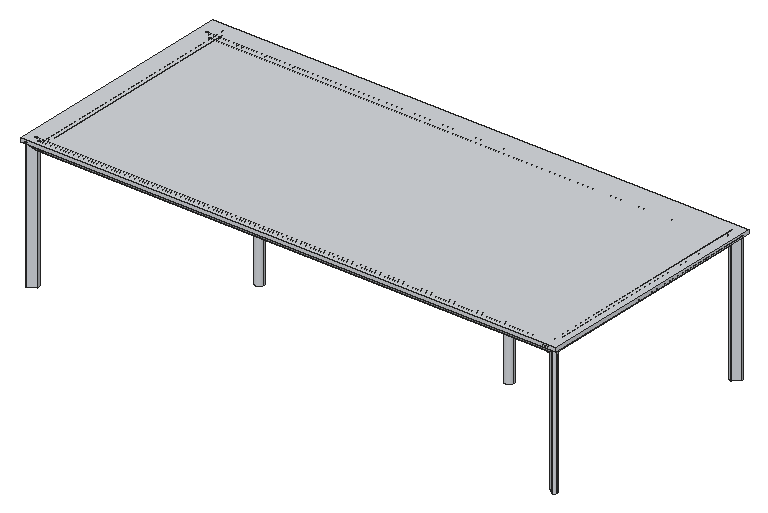
Revit family "Bernhardt_Design-Tables-Multipurpose-Intersection_stationary", category Furniture, Revit 2021
Family settings
  OmniClass Number = 23.40.20.00
  OmniClass Title = General Furniture and Specialties
  Work Plane-Based = No
  Always vertical = Yes
  Cut with Voids When Loaded = No
  Shared = No
  Room Calculation Point = No
Parameters (values of type "Intersection - FDO - 120x54 stationary")
  URL = "http://www.bernhardtdesign.com"
  Two Centerleg Visibility = yes
  Tabletop Finish [instance] = none
  Table Width = 54.000"
  Table Width Half = Table Width / 2  # 27.000"
  Table Length Half = Table Length / 2  # 60.000"
  Table Length = 120.000"
  Screen Metal [instance] = none
  Screen Fabric [instance] = none
  SKU = "INS-FDO"
  Rail Width Half = Table Width Half - 0.488"  # 26.512"
  Rail Length Half = Table Length Half - 0.488"  # 59.512"
  Rail Length = Rail Length Half * 2  # 119.024"
  Modesty Position = 3.720"
  Modesty Panel Visibility = no
  Modesty Length Half = (Table Length - 9.750") / 2  # 55.125"
  Modesty Finish [instance] = none
  Model = "Intersection"  # constant formula
  Manufacturer = "Bernhardt Design"  # constant formula
  Default Elevation = 0.000"
  Copyright © = "Copyright © Bernhardt Design"  # constant formula
  Centerleg Visibility = no
  Catalog = SKU  # "INS-FDO"
  Base Finish [instance] = none
  Authoring Version = "Autodesk Revit 2021"  # constant formula
Reference planes (in)
  plane 1 "Center Front/Back": y = 0
  plane 2: z = 0
  plane 3 "Center Left/Right": x = 0
  plane 4 "modesty_position_plane": y = -23.28
  plane 5 "modesty_plane_left": x = -55.125
  plane 6 "modesty_plane_right": x = 55.125
  plane 7 "tabletop_width-upper_plane": y = 27
  plane 8 "tabletop_width-lower_plane": y = -27
  plane 9 "tabletop_length-left_plane": x = -60
  plane 10 "tabletop_length-ri_plane": x = 60
  plane 11 "rail_top_plane": y = 26.512
  plane 12 "rail_bottom_plane": y = -26.512
  plane 13 "rail_left_plane": x = -59.512
  plane 14 "rail_right_plane": x = 59.512
  plane 15: through (-60, 21, 48) normal (0.7071, 0.7071, 0)
  plane 16 "centerleg_left_plane": x = -28.00928
  plane 17 "centerleg_right_plane": x = 28.00928
Forms (in)
  Extrusion 1, solid, material <- "Modesty Finish", visible <- "Modesty Panel Visibility"
    sketch origin (0, 0.00025, 0) x (0, 1, 0) y (0, 0, 1)
      loop
        line (-23.27993, 28.26874) -> (-23.20086, 27.39745) -> (-23.20086, 21.8573) -> (-23.27913, 20.96271)
        arc (-23.27913, 20.96271) -> (-23.2594, 20.90198) -> (-23.20106, 20.87601) r 0.07849
        line (-23.20106, 20.87601) -> (-23.09046, 20.87601)
        arc (-23.09046, 20.87601) -> (-23.03708, 20.90365) -> (-23.01913, 20.96102) r 0.07812
        line (-23.01913, 20.96102) -> (-23.10217, 21.86385) -> (-23.10217, 27.37568) -> (-23.04293, 27.79723)
        arc (-23.04293, 27.79723) -> (-23.02211, 27.85602) -> (-22.9701, 27.89044) r 0.09828
        arc (-22.9701, 27.89044) -> (-22.83624, 27.98525) -> (-22.79634, 28.14437) r 0.23633
        arc (-22.79634, 28.14437) -> (-22.86797, 28.28955) -> (-23.01622, 28.35457) r 0.23633
        line (-23.01622, 28.35457) -> (-23.20074, 28.35457)
        arc (-23.20074, 28.35457) -> (-23.25939, 28.32923) -> (-23.27993, 28.26874) r 0.07872
    from -55.125 to 55.125
  Extrusion 2, solid, material <- "Tabletop Finish"
    sketch origin (0, 0, 0) x (0, -1, 0) y (1, 0, 0)
      loop
        line (-27, -60) -> (27, -60) -> (27, 60) -> (-27, 60) -> (-27, -60)
    from 29 to 29.75
  Extrusion 3, solid, material <- "Base Finish"
    sketch origin (0, -12.00055, 0) x (1, 0, 0) y (0, 1, 0)
      loop
        line (-59.51152, -10.37366) -> (-59.51152, -13.87372)
        arc (-59.51152, -13.87372) -> (-59.32474, -14.32467) -> (-58.87379, -14.51145) r 0.63773
        line (-58.87379, -14.51145) -> (-55.37379, -14.51145) -> (-55.37379, -11.73981) -> (-56.73994, -10.37366) -> (-59.51152, -10.37366)
    from 28.6958 to 29
  Extrusion 4, solid, material <- "Base Finish"
    sketch origin (0, -12.00055, 0) x (1, 0, 0) y (0, 1, 0)
      loop
        line (-58.42169, -12.37872) -> (-59.48456, -13.83137)
        arc (-59.48456, -13.83137) -> (-59.505, -13.86874) -> (-59.51043, -13.91099) r 0.11498
        arc (-59.51043, -13.91099) -> (-59.33254, -14.31673) -> (-58.93326, -14.50868) r 0.63773
        arc (-58.93326, -14.50868) -> (-58.88581, -14.50622) -> (-58.84039, -14.4923) r 0.19404
        line (-58.84039, -14.4923) -> (-57.37422, -13.41016)
        arc (-57.37422, -13.41016) -> (-57.34438, -13.36421) -> (-57.33392, -13.31042) r 0.14359
        arc (-57.33392, -13.31042) -> (-57.62083, -12.61775) -> (-58.31349, -12.33084) r 0.97957
        arc (-58.31349, -12.33084) -> (-58.37399, -12.34032) -> (-58.42169, -12.37872) r 0.11854
    from 0 to 28.6958
  Extrusion 5, solid, material <- "Base Finish"
    sketch origin (0, 0, 0) x (1, 0, 0) y (0, 0, 1)
      loop
        line (-59.512, 29.00191) -> (-59.512, 28.75773)
        arc (-59.512, 28.75773) -> (-59.50105, 28.72465) -> (-59.48275, 28.695) r 0.14969
        line (-59.48275, 28.695) -> (-58.43686, 27.37388)
        arc (-58.43686, 27.37388) -> (-58.38098, 27.32615) -> (-58.30952, 27.309) r 0.15741
        line (-58.30952, 27.309) -> (-56.85862, 27.309)
        arc (-56.85862, 27.309) -> (-56.77462, 27.34379) -> (-56.73983, 27.42779) r 0.11879
        line (-56.73983, 27.42779) -> (-56.73983, 27.81655)
        arc (-56.73983, 27.81655) -> (-56.7451, 27.83689) -> (-56.76009, 27.85163) r 0.03939
        arc (-56.76009, 27.85163) -> (-56.77781, 27.85524) -> (-56.79589, 27.85476) r 0.07988
        arc (-56.79589, 27.85476) -> (-56.81784, 27.84284) -> (-56.82659, 27.81945) r 0.03567
        line (-56.82659, 27.81945) -> (-56.82659, 27.72872)
        arc (-56.82659, 27.72872) -> (-56.85388, 27.69316) -> (-56.89765, 27.70286) r 0.04172
        line (-56.89765, 27.70286) -> (-57.0375, 27.84271)
        arc (-57.0375, 27.84271) -> (-57.059, 27.87995) -> (-57.06646, 27.92229) r 0.1238
        line (-57.06646, 27.92229) -> (-57.06646, 28.0573)
        arc (-57.06646, 28.0573) -> (-57.05192, 28.10206) -> (-57.02426, 28.14013) r 0.15041
        line (-57.02426, 28.14013) -> (-56.89075, 28.27364)
        arc (-56.89075, 28.27364) -> (-56.84889, 28.27804) -> (-56.82659, 28.24235) r 0.03971
        line (-56.82659, 28.24235) -> (-56.82659, 28.1535)
        arc (-56.82659, 28.1535) -> (-56.81268, 28.12534) -> (-56.78252, 28.11653) r 0.03905
        arc (-56.78252, 28.11653) -> (-56.75258, 28.12658) -> (-56.73983, 28.15547) r 0.03911
        line (-56.73983, 28.15547) -> (-56.73983, 28.36775)
        arc (-56.73983, 28.36775) -> (-56.77451, 28.45148) -> (-56.85825, 28.48616) r 0.11842
        line (-56.85825, 28.48616) -> (-57.00754, 28.48616)
        arc (-57.00754, 28.48616) -> (-57.0493, 28.50346) -> (-57.0666, 28.54522) r 0.05906
        line (-57.0666, 28.54522) -> (-57.0666, 28.83459)
        arc (-57.0666, 28.83459) -> (-57.05219, 28.86938) -> (-57.01739, 28.8838) r 0.04921
        line (-57.01739, 28.8838) -> (-56.89101, 28.8838)
        arc (-56.89101, 28.8838) -> (-56.85878, 28.87269) -> (-56.84436, 28.8418) r 0.04367
        arc (-56.84436, 28.8418) -> (-56.84311, 28.81613) -> (-56.85139, 28.7918) r 0.06861
        arc (-56.85139, 28.7918) -> (-56.86293, 28.77903) -> (-56.8757, 28.76749) r 0.17201
        arc (-56.8757, 28.76749) -> (-56.8819, 28.74586) -> (-56.8757, 28.72424) r 0.0408
        arc (-56.8757, 28.72424) -> (-56.86209, 28.71133) -> (-56.84393, 28.70663) r 0.03746
        line (-56.84393, 28.70663) -> (-56.78845, 28.70663)
        arc (-56.78845, 28.70663) -> (-56.75407, 28.72087) -> (-56.73983, 28.75526) r 0.04862
        line (-56.73983, 28.75526) -> (-56.73983, 28.96282)
        arc (-56.73983, 28.96282) -> (-56.75128, 28.99046) -> (-56.77892, 29.00191) r 0.03909
        line (-56.77892, 29.00191) -> (-59.512, 29.00191)
    from -26.512 to 26.512
  Extrusion 6, solid, material <- "Base Finish"
    sketch origin (0, 0, 0) x (-1, 0, 0) y (0, 0, -1)
      loop
        line (-59.512, -29.00191) -> (-56.77892, -29.00191)
        arc (-56.77892, -29.00191) -> (-56.75128, -28.99046) -> (-56.73983, -28.96282) r 0.03909
        line (-56.73983, -28.96282) -> (-56.73983, -28.75526)
        arc (-56.73983, -28.75526) -> (-56.75407, -28.72087) -> (-56.78845, -28.70663) r 0.04862
        line (-56.78845, -28.70663) -> (-56.84393, -28.70663)
        arc (-56.84393, -28.70663) -> (-56.86209, -28.71133) -> (-56.8757, -28.72424) r 0.03746
        arc (-56.8757, -28.72424) -> (-56.8819, -28.74586) -> (-56.8757, -28.76749) r 0.0408
        arc (-56.8757, -28.76749) -> (-56.86293, -28.77903) -> (-56.85139, -28.7918) r 0.17201
        arc (-56.85139, -28.7918) -> (-56.84311, -28.81613) -> (-56.84436, -28.8418) r 0.06861
        arc (-56.84436, -28.8418) -> (-56.85878, -28.87269) -> (-56.89101, -28.8838) r 0.04367
        line (-56.89101, -28.8838) -> (-57.01739, -28.8838)
        arc (-57.01739, -28.8838) -> (-57.05219, -28.86938) -> (-57.0666, -28.83459) r 0.04921
        line (-57.0666, -28.83459) -> (-57.0666, -28.54522)
        arc (-57.0666, -28.54522) -> (-57.0493, -28.50346) -> (-57.00754, -28.48616) r 0.05906
        line (-57.00754, -28.48616) -> (-56.85825, -28.48616)
        arc (-56.85825, -28.48616) -> (-56.77451, -28.45148) -> (-56.73983, -28.36775) r 0.11842
        line (-56.73983, -28.36775) -> (-56.73983, -28.15547)
        arc (-56.73983, -28.15547) -> (-56.75258, -28.12658) -> (-56.78252, -28.11653) r 0.03911
        arc (-56.78252, -28.11653) -> (-56.81268, -28.12534) -> (-56.82659, -28.1535) r 0.03905
        line (-56.82659, -28.1535) -> (-56.82659, -28.24235)
        arc (-56.82659, -28.24235) -> (-56.84889, -28.27804) -> (-56.89075, -28.27364) r 0.03971
        line (-56.89075, -28.27364) -> (-57.02426, -28.14013)
        arc (-57.02426, -28.14013) -> (-57.05192, -28.10206) -> (-57.06646, -28.0573) r 0.15041
        line (-57.06646, -28.0573) -> (-57.06646, -27.92229)
        arc (-57.06646, -27.92229) -> (-57.059, -27.87995) -> (-57.0375, -27.84271) r 0.1238
        line (-57.0375, -27.84271) -> (-56.89765, -27.70286)
        arc (-56.89765, -27.70286) -> (-56.85388, -27.69316) -> (-56.82659, -27.72872) r 0.04172
        line (-56.82659, -27.72872) -> (-56.82659, -27.81945)
        arc (-56.82659, -27.81945) -> (-56.81784, -27.84284) -> (-56.79589, -27.85476) r 0.03567
        arc (-56.79589, -27.85476) -> (-56.77781, -27.85524) -> (-56.76009, -27.85163) r 0.07988
        arc (-56.76009, -27.85163) -> (-56.7451, -27.83689) -> (-56.73983, -27.81655) r 0.03939
        line (-56.73983, -27.81655) -> (-56.73983, -27.42779)
        arc (-56.73983, -27.42779) -> (-56.77462, -27.34379) -> (-56.85862, -27.309) r 0.11879
        line (-56.85862, -27.309) -> (-58.30952, -27.309)
        arc (-58.30952, -27.309) -> (-58.38098, -27.32615) -> (-58.43686, -27.37388) r 0.15741
        line (-58.43686, -27.37388) -> (-59.48275, -28.695)
        arc (-59.48275, -28.695) -> (-59.50105, -28.72465) -> (-59.512, -28.75773) r 0.14969
        line (-59.512, -28.75773) -> (-59.512, -29.00191)
    from -26.512 to 26.512
  Extrusion 7, solid, material <- "Base Finish"
    sketch origin (-13.47667, -38.99987, 0) x (0, -1, 0) y (0, 0, 1)
      loop
        line (-65.51187, 29.00191) -> (-65.51187, 28.75773)
        arc (-65.51187, 28.75773) -> (-65.50092, 28.72465) -> (-65.48262, 28.695) r 0.14969
        line (-65.48262, 28.695) -> (-64.43673, 27.37388)
        arc (-64.43673, 27.37388) -> (-64.38085, 27.32615) -> (-64.30939, 27.309) r 0.15741
        line (-64.30939, 27.309) -> (-62.85849, 27.309)
        arc (-62.85849, 27.309) -> (-62.77449, 27.34379) -> (-62.7397, 27.42779) r 0.11879
        line (-62.7397, 27.42779) -> (-62.7397, 27.81655)
        arc (-62.7397, 27.81655) -> (-62.74497, 27.83689) -> (-62.75996, 27.85163) r 0.03939
        arc (-62.75996, 27.85163) -> (-62.77768, 27.85524) -> (-62.79576, 27.85476) r 0.07988
        arc (-62.79576, 27.85476) -> (-62.81771, 27.84284) -> (-62.82646, 27.81945) r 0.03567
        line (-62.82646, 27.81945) -> (-62.82646, 27.72872)
        arc (-62.82646, 27.72872) -> (-62.85375, 27.69316) -> (-62.89752, 27.70286) r 0.04172
        line (-62.89752, 27.70286) -> (-63.03737, 27.84271)
        arc (-63.03737, 27.84271) -> (-63.05887, 27.87995) -> (-63.06633, 27.92229) r 0.1238
        line (-63.06633, 27.92229) -> (-63.06633, 28.0573)
        arc (-63.06633, 28.0573) -> (-63.05179, 28.10206) -> (-63.02413, 28.14013) r 0.15041
        line (-63.02413, 28.14013) -> (-62.89062, 28.27364)
        arc (-62.89062, 28.27364) -> (-62.84876, 28.27804) -> (-62.82646, 28.24235) r 0.03971
        line (-62.82646, 28.24235) -> (-62.82646, 28.1535)
        arc (-62.82646, 28.1535) -> (-62.81255, 28.12534) -> (-62.78239, 28.11653) r 0.03905
        arc (-62.78239, 28.11653) -> (-62.75245, 28.12658) -> (-62.7397, 28.15547) r 0.03911
        line (-62.7397, 28.15547) -> (-62.7397, 28.36775)
        arc (-62.7397, 28.36775) -> (-62.77438, 28.45148) -> (-62.85812, 28.48616) r 0.11842
        line (-62.85812, 28.48616) -> (-63.00741, 28.48616)
        arc (-63.00741, 28.48616) -> (-63.04917, 28.50346) -> (-63.06647, 28.54522) r 0.05906
        line (-63.06647, 28.54522) -> (-63.06647, 28.83459)
        arc (-63.06647, 28.83459) -> (-63.05206, 28.86938) -> (-63.01726, 28.8838) r 0.04921
        line (-63.01726, 28.8838) -> (-62.89088, 28.8838)
        arc (-62.89088, 28.8838) -> (-62.85865, 28.87269) -> (-62.84423, 28.8418) r 0.04367
        arc (-62.84423, 28.8418) -> (-62.84298, 28.81613) -> (-62.85126, 28.7918) r 0.06861
        arc (-62.85126, 28.7918) -> (-62.86281, 28.77903) -> (-62.87557, 28.76749) r 0.17201
        arc (-62.87557, 28.76749) -> (-62.88177, 28.74586) -> (-62.87557, 28.72424) r 0.0408
        arc (-62.87557, 28.72424) -> (-62.86196, 28.71133) -> (-62.8438, 28.70663) r 0.03746
        line (-62.8438, 28.70663) -> (-62.78832, 28.70663)
        arc (-62.78832, 28.70663) -> (-62.75394, 28.72087) -> (-62.7397, 28.75526) r 0.04862
        line (-62.7397, 28.75526) -> (-62.7397, 28.96282)
        arc (-62.7397, 28.96282) -> (-62.75115, 28.99046) -> (-62.77879, 29.00191) r 0.03909
        line (-62.77879, 29.00191) -> (-65.51187, 29.00191)
    from -72.98867 to 46.03533
  Extrusion 8, solid, material <- "Base Finish"
    sketch origin (-13.47667, 38.99987, 0) x (0, 1, 0) y (0, 0, -1)
      loop
        line (-65.51187, -29.00191) -> (-62.77913, -29.00191)
        arc (-62.77913, -29.00191) -> (-62.75149, -28.99046) -> (-62.74004, -28.96282) r 0.03909
        line (-62.74004, -28.96282) -> (-62.74004, -28.75526)
        arc (-62.74004, -28.75526) -> (-62.75428, -28.72087) -> (-62.78867, -28.70663) r 0.04862
        line (-62.78867, -28.70663) -> (-62.84414, -28.70663)
        arc (-62.84414, -28.70663) -> (-62.86231, -28.71133) -> (-62.87591, -28.72424) r 0.03746
        arc (-62.87591, -28.72424) -> (-62.88211, -28.74586) -> (-62.87591, -28.76749) r 0.0408
        arc (-62.87591, -28.76749) -> (-62.86315, -28.77903) -> (-62.8516, -28.7918) r 0.17201
        arc (-62.8516, -28.7918) -> (-62.84332, -28.81613) -> (-62.84458, -28.8418) r 0.06861
        arc (-62.84458, -28.8418) -> (-62.859, -28.87269) -> (-62.89122, -28.8838) r 0.04367
        line (-62.89122, -28.8838) -> (-63.0176, -28.8838)
        arc (-63.0176, -28.8838) -> (-63.0524, -28.86938) -> (-63.06681, -28.83459) r 0.04921
        line (-63.06681, -28.83459) -> (-63.06681, -28.54522)
        arc (-63.06681, -28.54522) -> (-63.04952, -28.50346) -> (-63.00776, -28.48616) r 0.05906
        line (-63.00776, -28.48616) -> (-62.85846, -28.48616)
        arc (-62.85846, -28.48616) -> (-62.77473, -28.45148) -> (-62.74004, -28.36775) r 0.11842
        line (-62.74004, -28.36775) -> (-62.74004, -28.15547)
        arc (-62.74004, -28.15547) -> (-62.7528, -28.12658) -> (-62.78274, -28.11653) r 0.03911
        arc (-62.78274, -28.11653) -> (-62.81289, -28.12534) -> (-62.82681, -28.1535) r 0.03905
        line (-62.82681, -28.1535) -> (-62.82681, -28.24235)
        arc (-62.82681, -28.24235) -> (-62.84911, -28.27804) -> (-62.89096, -28.27364) r 0.03971
        line (-62.89096, -28.27364) -> (-63.02447, -28.14013)
        arc (-63.02447, -28.14013) -> (-63.05214, -28.10206) -> (-63.06668, -28.0573) r 0.15041
        line (-63.06668, -28.0573) -> (-63.06668, -27.92229)
        arc (-63.06668, -27.92229) -> (-63.05921, -27.87995) -> (-63.03771, -27.84271) r 0.1238
        line (-63.03771, -27.84271) -> (-62.89786, -27.70286)
        arc (-62.89786, -27.70286) -> (-62.8541, -27.69316) -> (-62.82681, -27.72872) r 0.04172
        line (-62.82681, -27.72872) -> (-62.82681, -27.81945)
        arc (-62.82681, -27.81945) -> (-62.81806, -27.84284) -> (-62.7961, -27.85476) r 0.03567
        arc (-62.7961, -27.85476) -> (-62.77802, -27.85524) -> (-62.7603, -27.85163) r 0.07988
        arc (-62.7603, -27.85163) -> (-62.74532, -27.83689) -> (-62.74004, -27.81655) r 0.03939
        line (-62.74004, -27.81655) -> (-62.74004, -27.42779)
        arc (-62.74004, -27.42779) -> (-62.77484, -27.34379) -> (-62.85884, -27.309) r 0.11879
        line (-62.85884, -27.309) -> (-64.30939, -27.309)
        arc (-64.30939, -27.309) -> (-64.38085, -27.32615) -> (-64.43673, -27.37388) r 0.15741
        line (-64.43673, -27.37388) -> (-65.48262, -28.695)
        arc (-65.48262, -28.695) -> (-65.50092, -28.72465) -> (-65.51187, -28.75773) r 0.14969
        line (-65.51187, -28.75773) -> (-65.51187, -29.00191)
    from -72.98867 to 46.03533
  Extrusion 9, solid, material <- "Base Finish", not visible
    sketch origin (0, -6.00055, 0) x (1, 0, 0) y (0, 1, 0)
      loop
        line (-59.51152, -10.37366) -> (-59.51152, -13.87372)
        arc (-59.51152, -13.87372) -> (-59.32474, -14.32467) -> (-58.87379, -14.51145) r 0.63773
        line (-58.87379, -14.51145) -> (-55.37379, -14.51145) -> (-55.37379, -11.73981) -> (-56.73994, -10.37366) -> (-59.51152, -10.37366)
    from 28.6958 to 29
  Extrusion 10, solid, material <- "Base Finish", not visible
    sketch origin (0, -6.00055, 0) x (1, 0, 0) y (0, 1, 0)
      loop
        line (-58.42169, -12.37872) -> (-59.48456, -13.83137)
        arc (-59.48456, -13.83137) -> (-59.505, -13.86874) -> (-59.51043, -13.91099) r 0.11498
        arc (-59.51043, -13.91099) -> (-59.33254, -14.31673) -> (-58.93326, -14.50868) r 0.63773
        arc (-58.93326, -14.50868) -> (-58.88581, -14.50622) -> (-58.84039, -14.4923) r 0.19404
        line (-58.84039, -14.4923) -> (-57.37422, -13.41016)
        arc (-57.37422, -13.41016) -> (-57.34438, -13.36421) -> (-57.33392, -13.31042) r 0.14359
        arc (-57.33392, -13.31042) -> (-57.62083, -12.61775) -> (-58.31349, -12.33084) r 0.97957
        arc (-58.31349, -12.33084) -> (-58.37399, -12.34032) -> (-58.42169, -12.37872) r 0.11854
    from 0 to 28.6958
  Extrusion 11, solid, material <- "Base Finish"
    sketch origin (0, 12.00055, 0) x (-1, 0, 0) y (0, -1, 0)
      loop
        line (-59.51152, 34.37476) -> (-56.73994, 34.37476) -> (-55.37379, 35.74091) -> (-55.37379, 38.51255) -> (-58.87379, 38.51255)
        arc (-58.87379, 38.51255) -> (-59.32474, 38.32576) -> (-59.51152, 37.87482) r 0.63773
        line (-59.51152, 37.87482) -> (-59.51152, 34.37476)
    from 28.6958 to 29
  Extrusion 12, solid, material <- "Base Finish"
    sketch origin (0, 12.00055, 0) x (-1, 0, 0) y (0, -1, 0)
      loop
        arc (-58.42169, 36.37981) -> (-58.37399, 36.34141) -> (-58.31349, 36.33193) r 0.11854
        arc (-58.31349, 36.33193) -> (-57.62083, 36.61885) -> (-57.33392, 37.31151) r 0.97957
        arc (-57.33392, 37.31151) -> (-57.34438, 37.3653) -> (-57.37422, 37.41125) r 0.14359
        line (-57.37422, 37.41125) -> (-58.84039, 38.49339)
        arc (-58.84039, 38.49339) -> (-58.88581, 38.50731) -> (-58.93326, 38.50977) r 0.19404
        arc (-58.93326, 38.50977) -> (-59.33254, 38.31782) -> (-59.51043, 37.91209) r 0.63773
        arc (-59.51043, 37.91209) -> (-59.505, 37.86984) -> (-59.48456, 37.83246) r 0.11498
        line (-59.48456, 37.83246) -> (-58.42169, 36.37981)
    from 0 to 28.6958
  Extrusion 13, solid, material <- "Base Finish"
    sketch origin (0, -12.00055, 0) x (1, 0, 0) y (0, 1, 0)
      loop
        line (-59.51152, 34.37476) -> (-56.73994, 34.37476) -> (-55.37379, 35.74091) -> (-55.37379, 38.51255) -> (-58.87379, 38.51255)
        arc (-58.87379, 38.51255) -> (-59.32474, 38.32576) -> (-59.51152, 37.87482) r 0.63773
        line (-59.51152, 37.87482) -> (-59.51152, 34.37476)
    from 28.6958 to 29
  Extrusion 14, solid, material <- "Base Finish"
    sketch origin (0, -12.00055, 0) x (1, 0, 0) y (0, 1, 0)
      loop
        arc (-58.42169, 36.37981) -> (-58.37399, 36.34141) -> (-58.31349, 36.33193) r 0.11854
        arc (-58.31349, 36.33193) -> (-57.62083, 36.61885) -> (-57.33392, 37.31151) r 0.97957
        arc (-57.33392, 37.31151) -> (-57.34438, 37.3653) -> (-57.37422, 37.41125) r 0.14359
        line (-57.37422, 37.41125) -> (-58.84039, 38.49339)
        arc (-58.84039, 38.49339) -> (-58.88581, 38.50731) -> (-58.93326, 38.50977) r 0.19404
        arc (-58.93326, 38.50977) -> (-59.33254, 38.31782) -> (-59.51043, 37.91209) r 0.63773
        arc (-59.51043, 37.91209) -> (-59.505, 37.86984) -> (-59.48456, 37.83246) r 0.11498
        line (-59.48456, 37.83246) -> (-58.42169, 36.37981)
    from 0 to 28.6958
  Extrusion 15, solid, material <- "Base Finish"
    sketch origin (0, 12.00055, 0) x (-1, 0, 0) y (0, -1, 0)
      loop
        line (-59.51152, -10.37366) -> (-59.51152, -13.87372)
        arc (-59.51152, -13.87372) -> (-59.32474, -14.32467) -> (-58.87379, -14.51145) r 0.63773
        line (-58.87379, -14.51145) -> (-55.37379, -14.51145) -> (-55.37379, -11.73981) -> (-56.73994, -10.37366) -> (-59.51152, -10.37366)
    from 28.6958 to 29
  Extrusion 16, solid, material <- "Base Finish"
    sketch origin (0, 12.00055, 0) x (-1, 0, 0) y (0, -1, 0)
      loop
        line (-58.42169, -12.37872) -> (-59.48456, -13.83137)
        arc (-59.48456, -13.83137) -> (-59.505, -13.86874) -> (-59.51043, -13.91099) r 0.11498
        arc (-59.51043, -13.91099) -> (-59.33254, -14.31673) -> (-58.93326, -14.50868) r 0.63773
        arc (-58.93326, -14.50868) -> (-58.88581, -14.50622) -> (-58.84039, -14.4923) r 0.19404
        line (-58.84039, -14.4923) -> (-57.37422, -13.41016)
        arc (-57.37422, -13.41016) -> (-57.34438, -13.36421) -> (-57.33392, -13.31042) r 0.14359
        arc (-57.33392, -13.31042) -> (-57.62083, -12.61775) -> (-58.31349, -12.33084) r 0.97957
        arc (-58.31349, -12.33084) -> (-58.37399, -12.34032) -> (-58.42169, -12.37872) r 0.11854
    from 0 to 28.6958
  Extrusion 17, void
    sketch origin (0, 0, 0) x (1, 0, 0) y (0, 0, -1)
      loop
        line (-56.85681, -26.93709) -> (-59.94372, -26.93709) -> (-59.94372, -29.34885) -> (-56.85681, -26.93709)
    from 20.75277 to 28.06577
  Extrusion 18, void
    sketch origin (0, 0, 0) x (-1, 0, 0) y (0, 0, -1)
      loop
        line (-56.85681, -26.93709) -> (-59.94372, -26.93709) -> (-59.94372, -29.34885) -> (-56.85681, -26.93709)
    from 20.75277 to 28.06577
  Extrusion 19, void
    sketch origin (0, 0, 0) x (-1, 0, 0) y (0, 0, 1)
      loop
        line (-56.85681, 26.93709) -> (-59.94372, 29.34885) -> (-59.94372, 26.93709) -> (-56.85681, 26.93709)
    from 20.75277 to 28.06577
  Extrusion 20, void
    sketch origin (0, 6, 0) x (0, -1, 0) y (0, 0, -1)
      loop
        line (-17.81562, -26.91055) -> (-20.8375, -26.91055) -> (-20.8375, -29.25437) -> (-17.81562, -26.91055)
    from -61.92285 to -55.125
  Extrusion 21, void
    sketch origin (0, -6, 0) x (0, 1, 0) y (0, 0, -1)
      loop
        line (-17.81562, -26.91055) -> (-20.8375, -26.91055) -> (-20.8375, -29.25437) -> (-17.81562, -26.91055)
    from -61.92285 to -55.125
  Extrusion 22, void
    sketch origin (0, 6, 0) x (0, -1, 0) y (0, 0, 1)
      loop
        line (-17.81562, 26.91055) -> (-20.8375, 29.25437) -> (-20.8375, 26.91055) -> (-17.81562, 26.91055)
    from -61.92285 to -55.125
  Extrusion 23, void
    sketch origin (0, 0, 0) x (1, 0, 0) y (0, 0, 1)
      loop
        line (-56.85681, 26.93709) -> (-59.94372, 29.34885) -> (-59.94372, 26.93709) -> (-56.85681, 26.93709)
    from 20.75277 to 28.06577
  Extrusion 24, void
    sketch origin (0, -6, 0) x (0, 1, 0) y (0, 0, 1)
      loop
        line (-17.81562, 26.91055) -> (-20.8375, 29.25437) -> (-20.8375, 26.91055) -> (-17.81562, 26.91055)
    from -61.92285 to -55.125
  Extrusion 25, solid, material <- "Base Finish", visible <- "Two Centerleg Visibility"
    sketch origin (0, 0, 0) x (1, 0, 0) y (0, 1, 0)
      loop
        circle (-28.00928, 0) r 1
    from 0 to 27.62427
  Extrusion 26, solid, material <- "Base Finish", visible <- "Two Centerleg Visibility"
    sketch origin (0, 0, 0) x (-1, 0, 0) y (0, -1, 0)
      loop
        circle (-28.00928, 0) r 1
    from 0 to 27.62427
  Extrusion 27, solid, material <- "Base Finish", visible <- "Centerleg Visibility"
    sketch origin (-28.00928, 0, 0) x (-1, 0, 0) y (0, -1, 0)
      loop
        circle (-28.00928, 0) r 1
    from 0 to 27.62427
  Extrusion 28, solid, material <- "Base Finish", visible <- "Centerleg Visibility"
    sketch origin (0, 0, 0) x (1, 0, 0) y (0, 0, 1)
      loop
        line (-2.59842, 29.0019) -> (-2.59842, 28.92348) -> (-1.57433, 28.92348)
        arc (-1.57433, 28.92348) -> (-1.51876, 28.90046) -> (-1.49574, 28.84489) r 0.07859
        line (-1.49574, 28.84489) -> (-1.49574, 27.78072)
        arc (-1.49574, 27.78072) -> (-1.44992, 27.67009) -> (-1.33929, 27.62427) r 0.15645
        line (-1.33929, 27.62427) -> (1.3393, 27.62427)
        arc (1.3393, 27.62427) -> (1.44992, 27.67009) -> (1.49575, 27.78072) r 0.15645
        line (1.49575, 27.78072) -> (1.49575, 28.84489)
        arc (1.49575, 28.84489) -> (1.51877, 28.90046) -> (1.57434, 28.92348) r 0.07859
        line (1.57434, 28.92348) -> (2.59842, 28.92348) -> (2.59842, 29.0019) -> (1.57402, 29.0019)
        arc (1.57402, 29.0019) -> (1.46322, 28.95601) -> (1.41732, 28.84521) r 0.15669
        line (1.41732, 28.84521) -> (1.41732, 27.78104)
        arc (1.41732, 27.78104) -> (1.39438, 27.72564) -> (1.33898, 27.70269) r 0.07835
        line (1.33898, 27.70269) -> (-1.33897, 27.70269)
        arc (-1.33897, 27.70269) -> (-1.39437, 27.72564) -> (-1.41732, 27.78104) r 0.07835
        line (-1.41732, 27.78104) -> (-1.41732, 28.84521)
        arc (-1.41732, 28.84521) -> (-1.46321, 28.95601) -> (-1.57401, 29.0019) r 0.15669
        line (-1.57401, 29.0019) -> (-2.59842, 29.0019)
    from -25.43686 to 25.43686
  Extrusion 29, solid, material <- "Base Finish", visible <- "Two Centerleg Visibility"
    sketch origin (28.00928, 0, 0) x (1, 0, 0) y (0, 0, 1)
      loop
        line (-2.59842, 29.0019) -> (-2.59842, 28.92348) -> (-1.57433, 28.92348)
        arc (-1.57433, 28.92348) -> (-1.51876, 28.90046) -> (-1.49574, 28.84489) r 0.07859
        line (-1.49574, 28.84489) -> (-1.49574, 27.78072)
        arc (-1.49574, 27.78072) -> (-1.44992, 27.67009) -> (-1.33929, 27.62427) r 0.15645
        line (-1.33929, 27.62427) -> (1.3393, 27.62427)
        arc (1.3393, 27.62427) -> (1.44992, 27.67009) -> (1.49575, 27.78072) r 0.15645
        line (1.49575, 27.78072) -> (1.49575, 28.84489)
        arc (1.49575, 28.84489) -> (1.51877, 28.90046) -> (1.57434, 28.92348) r 0.07859
        line (1.57434, 28.92348) -> (2.59842, 28.92348) -> (2.59842, 29.0019) -> (1.57402, 29.0019)
        arc (1.57402, 29.0019) -> (1.46322, 28.95601) -> (1.41732, 28.84521) r 0.15669
        line (1.41732, 28.84521) -> (1.41732, 27.78104)
        arc (1.41732, 27.78104) -> (1.39438, 27.72564) -> (1.33898, 27.70269) r 0.07835
        line (1.33898, 27.70269) -> (-1.33897, 27.70269)
        arc (-1.33897, 27.70269) -> (-1.39437, 27.72564) -> (-1.41732, 27.78104) r 0.07835
        line (-1.41732, 27.78104) -> (-1.41732, 28.84521)
        arc (-1.41732, 28.84521) -> (-1.46321, 28.95601) -> (-1.57401, 29.0019) r 0.15669
        line (-1.57401, 29.0019) -> (-2.59842, 29.0019)
    from -25.43686 to 25.43686
  Extrusion 30, solid, material <- "Base Finish", visible <- "Two Centerleg Visibility"
    sketch origin (-28.00928, 0, 0) x (1, 0, 0) y (0, 0, 1)
      loop
        line (-2.59842, 29.0019) -> (-2.59842, 28.92348) -> (-1.57433, 28.92348)
        arc (-1.57433, 28.92348) -> (-1.51876, 28.90046) -> (-1.49574, 28.84489) r 0.07859
        line (-1.49574, 28.84489) -> (-1.49574, 27.78072)
        arc (-1.49574, 27.78072) -> (-1.44992, 27.67009) -> (-1.33929, 27.62427) r 0.15645
        line (-1.33929, 27.62427) -> (1.3393, 27.62427)
        arc (1.3393, 27.62427) -> (1.44992, 27.67009) -> (1.49575, 27.78072) r 0.15645
        line (1.49575, 27.78072) -> (1.49575, 28.84489)
        arc (1.49575, 28.84489) -> (1.51877, 28.90046) -> (1.57434, 28.92348) r 0.07859
        line (1.57434, 28.92348) -> (2.59842, 28.92348) -> (2.59842, 29.0019) -> (1.57402, 29.0019)
        arc (1.57402, 29.0019) -> (1.46322, 28.95601) -> (1.41732, 28.84521) r 0.15669
        line (1.41732, 28.84521) -> (1.41732, 27.78104)
        arc (1.41732, 27.78104) -> (1.39438, 27.72564) -> (1.33898, 27.70269) r 0.07835
        line (1.33898, 27.70269) -> (-1.33897, 27.70269)
        arc (-1.33897, 27.70269) -> (-1.39437, 27.72564) -> (-1.41732, 27.78104) r 0.07835
        line (-1.41732, 27.78104) -> (-1.41732, 28.84521)
        arc (-1.41732, 28.84521) -> (-1.46321, 28.95601) -> (-1.57401, 29.0019) r 0.15669
        line (-1.57401, 29.0019) -> (-2.59842, 29.0019)
    from -25.43686 to 25.43686
Cuts and joins
  Extrusion 17, Extrusion 19 cuts Extrusion 7
  Extrusion 20, Extrusion 24 cuts Extrusion 5
  Extrusion 18, Extrusion 23 cuts Extrusion 8
  Extrusion 21, Extrusion 22 cuts Extrusion 6
Dimensions and locks (in)
  "Modesty Length Half": plane 3 "Center Left/Right" to plane 6 "modesty_plane_right"
  "Modesty Length Half": plane 5 "modesty_plane_left" to plane 3 "Center Left/Right"
  "Table Length Half": plane 9 "tabletop_length-left_plane" to plane 3 "Center Left/Right" to plane 10 "tabletop_length-ri_plane"
  "Table Width Half": plane 7 "tabletop_width-upper_plane" to plane 1 "Center Front/Back" to plane 8 "tabletop_width-lower_plane"
  "Modesty Position": plane 4 "modesty_position_plane" to plane 8 "tabletop_width-lower_plane"
  "Rail Length Half": plane 13 "rail_left_plane" to plane 3 "Center Left/Right" to plane 14 "rail_right_plane"
  "Rail Width Half": plane 11 "rail_top_plane" to plane 1 "Center Front/Back" to plane 12 "rail_bottom_plane"
  "Rail Width Half": Extrusion 5 to plane 1 "Center Front/Back" to Extrusion 5
  "Rail Width Half": Extrusion 6 to plane 1 "Center Front/Back" to Extrusion 6
  "Rail Length Half": Extrusion 7 to plane 3 "Center Left/Right" to Extrusion 7
  "Rail Length Half": Extrusion 8 to plane 3 "Center Left/Right" to Extrusion 8
  locked: Extrusion 3 to Extrusion 2 at 4.62579
  locked: plane 9 "tabletop_length-left_plane" to Extrusion 3 at 4.62621
  locked: Extrusion 13 to plane 7 "tabletop_width-upper_plane" at 4.62579
  locked: plane 9 "tabletop_length-left_plane" to Extrusion 13 at 4.62621
  locked: Extrusion 15 to plane 7 "tabletop_width-upper_plane" at 4.62579
  locked: Extrusion 15 to plane 10 "tabletop_length-ri_plane" at 4.62621
  locked: Extrusion 11 to plane 8 "tabletop_width-lower_plane" at 4.62579
  locked: Extrusion 11 to plane 10 "tabletop_length-ri_plane" at 4.62621
  locked: Extrusion 24 to plane 9 "tabletop_length-left_plane" at 1.92285
  locked: plane 9 "tabletop_length-left_plane" to Extrusion 24 at 4.875
  locked: plane 8 "tabletop_width-lower_plane" to Extrusion 24 at 3.18438
  locked: plane 8 "tabletop_width-lower_plane" to Extrusion 24 at 0.1625
  locked: plane 9 "tabletop_length-left_plane" to Extrusion 23 at 0.05628
  locked: plane 9 "tabletop_length-left_plane" to Extrusion 23 at 3.14319
  locked: Extrusion 23 to plane 8 "tabletop_width-lower_plane" at 1.06577
  locked: Extrusion 23 to plane 8 "tabletop_width-lower_plane" at 6.24723
  locked: Extrusion 20 to plane 9 "tabletop_length-left_plane" at 1.92285
  locked: plane 9 "tabletop_length-left_plane" to Extrusion 17 at 0.05628
  locked: plane 9 "tabletop_length-left_plane" to Extrusion 17 at 3.14319
  locked: plane 9 "tabletop_length-left_plane" to Extrusion 20 at 4.875
  locked: Extrusion 17 to plane 7 "tabletop_width-upper_plane" at 6.24723
  locked: plane 7 "tabletop_width-upper_plane" to Extrusion 20 at 3.18438
  locked: plane 7 "tabletop_width-upper_plane" to Extrusion 20 at 0.1625
  locked: Extrusion 17 to plane 7 "tabletop_width-upper_plane" at 1.06577
  locked: Extrusion 19 to plane 7 "tabletop_width-upper_plane" at 6.24723
  locked: plane 7 "tabletop_width-upper_plane" to Extrusion 22 at 3.18438
  locked: plane 7 "tabletop_width-upper_plane" to Extrusion 22 at 0.1625
  locked: Extrusion 19 to plane 7 "tabletop_width-upper_plane" at 1.06577
  locked: Extrusion 22 to plane 10 "tabletop_length-ri_plane" at 4.875
  locked: Extrusion 19 to plane 10 "tabletop_length-ri_plane" at 3.14319
  Extrusion 19 to plane 10 "tabletop_length-ri_plane" = 0.05628"
  locked: plane 10 "tabletop_length-ri_plane" to Extrusion 22 at 1.92285
  locked: Extrusion 21 to plane 10 "tabletop_length-ri_plane" at 4.875
  locked: Extrusion 18 to plane 10 "tabletop_length-ri_plane" at 3.14319
  locked: Extrusion 18 to plane 10 "tabletop_length-ri_plane" at 0.05628
  locked: plane 10 "tabletop_length-ri_plane" to Extrusion 21 at 1.92285
  locked: Extrusion 18 to plane 8 "tabletop_width-lower_plane" at 6.24723
  locked: plane 8 "tabletop_width-lower_plane" to Extrusion 21 at 3.18438
  locked: plane 8 "tabletop_width-lower_plane" to Extrusion 21 at 0.1625
  locked: Extrusion 18 to plane 8 "tabletop_width-lower_plane" at 1.06577
  locked: plane 17 "centerleg_right_plane" to plane 10 "tabletop_length-ri_plane" at 31.99072
  locked: plane 9 "tabletop_length-left_plane" to plane 16 "centerleg_left_plane" at 31.99072
  locked: Extrusion 2 to Extrusion 30 at 1.56314
  locked: plane 8 "tabletop_width-lower_plane" to Extrusion 30 at 1.56314
  locked: plane 8 "tabletop_width-lower_plane" to Extrusion 28 at 1.56314
  locked: plane 7 "tabletop_width-upper_plane" to Extrusion 28 at 1.56314
  locked: plane 7 "tabletop_width-upper_plane" to Extrusion 29 at 1.56314
  locked: plane 8 "tabletop_width-lower_plane" to Extrusion 29 at 1.56314
  aligned and locked: level to plane 2
  aligned and locked: plane 6 "modesty_plane_right" to Extrusion 1
  aligned and locked: plane 5 "modesty_plane_left" to Extrusion 1
  aligned and locked: Extrusion 2 to plane 10 "tabletop_length-ri_plane"
  aligned and locked: Extrusion 2 to plane 9 "tabletop_length-left_plane"
  aligned and locked: Extrusion 2 to plane 8 "tabletop_width-lower_plane"
  aligned and locked: plane 7 "tabletop_width-upper_plane" to Extrusion 2
  aligned and locked: Extrusion 8 to Extrusion 6
Automatic sketch dimensions
  Extrusion 4 sketch curve to Extrusion 4 sketch curve = 0.08891"
  Extrusion 4 sketch curve to Extrusion 4 sketch curve = 0.04571"
  Extrusion 4 sketch curve to Extrusion 4 sketch curve = 0.07912"
  Extrusion 4 sketch curve to Extrusion 4 sketch curve = 0.09567"
  Extrusion 4 sketch curve to Extrusion 4 sketch curve = 0.5603"
  Extrusion 4 sketch curve to Extrusion 4 sketch curve = 0.83598"
  Extrusion 4 sketch curve to Extrusion 4 sketch curve = 0.10329"
  Extrusion 4 sketch curve to Extrusion 4 sketch curve = 0.4414"
  Extrusion 4 sketch curve to Extrusion 4 sketch curve = 0.0729"
  Extrusion 4 sketch curve to Extrusion 4 sketch curve = 0.56331"
  Extrusion 4 sketch curve to Extrusion 4 sketch curve = 0.8617"
  Extrusion 4 sketch curve to Extrusion 4 sketch curve = 0.070"
  Extrusion 4 sketch curve to Extrusion 4 sketch curve = 0.000"
  Extrusion 3 sketch curve to Extrusion 3 sketch curve = 0.63773"
  Extrusion 3 sketch curve to Extrusion 3 sketch curve = 2.77158"
  Extrusion 3 sketch curve to Extrusion 3 sketch curve = 1.36615"  (x2)
  Extrusion 3 sketch curve to Extrusion 3 sketch curve = 2.77164"
  Extrusion 4 sketch curve to Extrusion 4 sketch curve = 0.47614"
  Extrusion 4 sketch curve to Extrusion 4 sketch curve = 0.1082"
  Extrusion 4 sketch curve to Extrusion 4 sketch curve = 0.17717"
  Extrusion 4 sketch curve to Extrusion 4 sketch curve = 0.03055"
  Extrusion 4 sketch curve to Extrusion 4 sketch curve = 0.09975"
  Extrusion 10 sketch curve to Extrusion 10 sketch curve = 0.08891"
  Extrusion 10 sketch curve to Extrusion 10 sketch curve = 0.04571"
  Extrusion 10 sketch curve to Extrusion 10 sketch curve = 0.07912"
  Extrusion 10 sketch curve to Extrusion 10 sketch curve = 0.09567"
  Extrusion 10 sketch curve to Extrusion 10 sketch curve = 0.5603"
  Extrusion 10 sketch curve to Extrusion 10 sketch curve = 0.83598"
  Extrusion 10 sketch curve to Extrusion 10 sketch curve = 0.10329"
  Extrusion 10 sketch curve to Extrusion 10 sketch curve = 0.4414"
  Extrusion 10 sketch curve to Extrusion 10 sketch curve = 0.0729"
  Extrusion 10 sketch curve to Extrusion 10 sketch curve = 0.56331"
  Extrusion 10 sketch curve to Extrusion 10 sketch curve = 0.8617"
  Extrusion 10 sketch curve to Extrusion 10 sketch curve = 0.070"
  Extrusion 10 sketch curve to Extrusion 10 sketch curve = 0.000"
  Extrusion 9 sketch curve to Extrusion 9 sketch curve = 0.63773"
  Extrusion 9 sketch curve to Extrusion 9 sketch curve = 2.77158"
  Extrusion 9 sketch curve to Extrusion 9 sketch curve = 1.36615"  (x2)
  Extrusion 9 sketch curve to Extrusion 9 sketch curve = 2.77164"
  Extrusion 10 sketch curve to Extrusion 10 sketch curve = 0.47614"
  Extrusion 10 sketch curve to Extrusion 10 sketch curve = 0.1082"
  Extrusion 10 sketch curve to Extrusion 10 sketch curve = 0.17717"
  Extrusion 10 sketch curve to Extrusion 10 sketch curve = 0.03055"
  Extrusion 10 sketch curve to Extrusion 10 sketch curve = 0.09975"
  Extrusion 12 sketch curve to Extrusion 12 sketch curve = 0.08891"
  Extrusion 12 sketch curve to Extrusion 12 sketch curve = 0.04571"
  Extrusion 12 sketch curve to Extrusion 12 sketch curve = 0.07912"
  Extrusion 12 sketch curve to Extrusion 12 sketch curve = 0.09567"
  Extrusion 12 sketch curve to Extrusion 12 sketch curve = 0.5603"
  Extrusion 12 sketch curve to Extrusion 12 sketch curve = 0.83598"
  Extrusion 12 sketch curve to Extrusion 12 sketch curve = 0.10329"
  Extrusion 12 sketch curve to Extrusion 12 sketch curve = 0.4414"
  Extrusion 12 sketch curve to Extrusion 12 sketch curve = 0.0729"
  Extrusion 12 sketch curve to Extrusion 12 sketch curve = 0.56331"
  Extrusion 12 sketch curve to Extrusion 12 sketch curve = 0.8617"
  Extrusion 12 sketch curve to Extrusion 12 sketch curve = 0.070"
  Extrusion 12 sketch curve to Extrusion 12 sketch curve = 0.000"
  Extrusion 11 sketch curve to Extrusion 11 sketch curve = 0.63773"
  Extrusion 11 sketch curve to Extrusion 11 sketch curve = 2.77158"
  Extrusion 11 sketch curve to Extrusion 11 sketch curve = 1.36615"  (x2)
  Extrusion 11 sketch curve to Extrusion 11 sketch curve = 2.77164"
  Extrusion 12 sketch curve to Extrusion 12 sketch curve = 0.47614"
  Extrusion 12 sketch curve to Extrusion 12 sketch curve = 0.1082"
  Extrusion 12 sketch curve to Extrusion 12 sketch curve = 0.17717"
  Extrusion 12 sketch curve to Extrusion 12 sketch curve = 0.03055"
  Extrusion 12 sketch curve to Extrusion 12 sketch curve = 0.09975"
  Extrusion 14 sketch curve to Extrusion 14 sketch curve = 0.08891"
  Extrusion 14 sketch curve to Extrusion 14 sketch curve = 0.04571"
  Extrusion 14 sketch curve to Extrusion 14 sketch curve = 0.07912"
  Extrusion 14 sketch curve to Extrusion 14 sketch curve = 0.09567"
  Extrusion 14 sketch curve to Extrusion 14 sketch curve = 0.5603"
  Extrusion 14 sketch curve to Extrusion 14 sketch curve = 0.83598"
  Extrusion 14 sketch curve to Extrusion 14 sketch curve = 0.10329"
  Extrusion 14 sketch curve to Extrusion 14 sketch curve = 0.4414"
  Extrusion 14 sketch curve to Extrusion 14 sketch curve = 0.0729"
  Extrusion 14 sketch curve to Extrusion 14 sketch curve = 0.56331"
  Extrusion 14 sketch curve to Extrusion 14 sketch curve = 0.8617"
  Extrusion 14 sketch curve to Extrusion 14 sketch curve = 0.070"
  Extrusion 14 sketch curve to Extrusion 14 sketch curve = 0.000"
  Extrusion 13 sketch curve to Extrusion 13 sketch curve = 0.63773"
  Extrusion 13 sketch curve to Extrusion 13 sketch curve = 2.77158"
  Extrusion 13 sketch curve to Extrusion 13 sketch curve = 1.36615"  (x2)
  Extrusion 13 sketch curve to Extrusion 13 sketch curve = 2.77164"
  Extrusion 14 sketch curve to Extrusion 14 sketch curve = 0.47614"
  Extrusion 14 sketch curve to Extrusion 14 sketch curve = 0.1082"
  Extrusion 14 sketch curve to Extrusion 14 sketch curve = 0.17717"
  Extrusion 14 sketch curve to Extrusion 14 sketch curve = 0.03055"
  Extrusion 14 sketch curve to Extrusion 14 sketch curve = 0.09975"
  Extrusion 16 sketch curve to Extrusion 16 sketch curve = 0.08891"
  Extrusion 16 sketch curve to Extrusion 16 sketch curve = 0.04571"
  Extrusion 16 sketch curve to Extrusion 16 sketch curve = 0.07912"
  Extrusion 16 sketch curve to Extrusion 16 sketch curve = 0.09567"
  Extrusion 16 sketch curve to Extrusion 16 sketch curve = 0.5603"
  Extrusion 16 sketch curve to Extrusion 16 sketch curve = 0.83598"
  Extrusion 16 sketch curve to Extrusion 16 sketch curve = 0.10329"
  Extrusion 16 sketch curve to Extrusion 16 sketch curve = 0.4414"
  Extrusion 16 sketch curve to Extrusion 16 sketch curve = 0.0729"
  Extrusion 16 sketch curve to Extrusion 16 sketch curve = 0.56331"
  Extrusion 16 sketch curve to Extrusion 16 sketch curve = 0.8617"
  Extrusion 16 sketch curve to Extrusion 16 sketch curve = 0.070"
  Extrusion 16 sketch curve to Extrusion 16 sketch curve = 0.000"
  Extrusion 15 sketch curve to Extrusion 15 sketch curve = 0.63773"
  Extrusion 15 sketch curve to Extrusion 15 sketch curve = 2.77158"
  Extrusion 15 sketch curve to Extrusion 15 sketch curve = 1.36615"  (x2)
  Extrusion 15 sketch curve to Extrusion 15 sketch curve = 2.77164"
  Extrusion 16 sketch curve to Extrusion 16 sketch curve = 0.47614"
  Extrusion 16 sketch curve to Extrusion 16 sketch curve = 0.1082"
  Extrusion 16 sketch curve to Extrusion 16 sketch curve = 0.17717"
  Extrusion 16 sketch curve to Extrusion 16 sketch curve = 0.03055"
  Extrusion 16 sketch curve to Extrusion 16 sketch curve = 0.09975"
  Extrusion 1 sketch curve to Extrusion 1 sketch curve = 0.000"  (x2)
  plane 4 "modesty_position_plane" to Extrusion 1 sketch curve = 0.00032"
  plane 4 "modesty_position_plane" to Extrusion 1 sketch curve = 0.00112"
  plane 4 "modesty_position_plane" to Extrusion 1 sketch curve = 0.07872"
  plane 4 "modesty_position_plane" to Extrusion 1 sketch curve = 0.07919"
  plane 4 "modesty_position_plane" to Extrusion 1 sketch curve = 0.07939"
  Extrusion 1 sketch curve to Extrusion 1 sketch curve = 0.00079"
  Extrusion 1 sketch curve to Extrusion 1 sketch curve = 0.09869"
  Extrusion 1 sketch curve to Extrusion 1 sketch curve = 0.10414"
  Extrusion 1 sketch curve to Extrusion 1 sketch curve = 0.00646"
  plane 4 "modesty_position_plane" to Extrusion 1 sketch curve = 0.23732"
  Extrusion 1 sketch curve to Extrusion 1 sketch curve = 0.17025"
  Extrusion 1 sketch curve to Extrusion 1 sketch curve = 0.07779"
  Extrusion 1 sketch curve to Extrusion 1 sketch curve = 0.18453"
  Extrusion 1 sketch curve to Extrusion 1 sketch curve = 0.09827"
  level to Extrusion 1 sketch curve = 20.87601"
  Extrusion 1 sketch curve to Extrusion 1 sketch curve = 0.07785"
  Extrusion 1 sketch curve to Extrusion 1 sketch curve = 0.07849"
  Extrusion 1 sketch curve to Extrusion 1 sketch curve = 0.89459"
  Extrusion 1 sketch curve to Extrusion 1 sketch curve = 0.00655"
  Extrusion 1 sketch curve to Extrusion 1 sketch curve = 5.51183"
  Extrusion 1 sketch curve to Extrusion 1 sketch curve = 0.02177"
  Extrusion 1 sketch curve to Extrusion 1 sketch curve = 0.41983"
  Extrusion 1 sketch curve to Extrusion 1 sketch curve = 0.00172"
  Extrusion 1 sketch curve to Extrusion 1 sketch curve = 0.32149"
  Extrusion 1 sketch curve to Extrusion 1 sketch curve = 0.15002"
  Extrusion 1 sketch curve to Extrusion 1 sketch curve = 0.00711"
  Extrusion 1 sketch curve to Extrusion 1 sketch curve = 0.23494"
  Extrusion 2 sketch curve to plane 7 "tabletop_width-upper_plane" = 0.000"
  Extrusion 2 sketch curve to plane 8 "tabletop_width-lower_plane" = 0.000"
  Extrusion 2 sketch curve to plane 9 "tabletop_length-left_plane" = 0.000"
  Extrusion 2 sketch curve to plane 10 "tabletop_length-ri_plane" = 0.000"
  Extrusion 5 sketch curve to plane 13 "rail_left_plane" = 0.000"
  plane 13 "rail_left_plane" to Extrusion 5 sketch curve = 0.02925"
  plane 13 "rail_left_plane" to Extrusion 5 sketch curve = 0.14661"
  plane 13 "rail_left_plane" to Extrusion 5 sketch curve = 1.07514"
  Extrusion 5 sketch curve to Extrusion 5 sketch curve = 0.12735"
  Extrusion 5 sketch curve to Extrusion 5 sketch curve = 1.24292"
  Extrusion 5 sketch curve to Extrusion 5 sketch curve = 0.00014"
  Extrusion 5 sketch curve to Extrusion 5 sketch curve = 0.02896"
  Extrusion 5 sketch curve to Extrusion 5 sketch curve = 0.0422"
  Extrusion 5 sketch curve to Extrusion 5 sketch curve = 0.04921"
  Extrusion 5 sketch curve to Extrusion 5 sketch curve = 0.05906"
  Extrusion 5 sketch curve to Extrusion 5 sketch curve = 0.03282"
  Extrusion 5 sketch curve to Extrusion 5 sketch curve = 0.09483"
  Extrusion 5 sketch curve to Extrusion 5 sketch curve = 0.02476"
  Extrusion 5 sketch curve to Extrusion 5 sketch curve = 0.07351"
  Extrusion 5 sketch curve to Extrusion 5 sketch curve = 0.13985"  (x2)
  Extrusion 5 sketch curve to Extrusion 5 sketch curve = 0.02005"
  Extrusion 5 sketch curve to Extrusion 5 sketch curve = 0.13351"
  Extrusion 5 sketch curve to Extrusion 5 sketch curve = 0.02305"
  Extrusion 5 sketch curve to Extrusion 5 sketch curve = 0.0295"
  Extrusion 5 sketch curve to Extrusion 5 sketch curve = 0.02445"
  Extrusion 5 sketch curve to Extrusion 5 sketch curve = 0.03902"
  Extrusion 5 sketch curve to Extrusion 5 sketch curve = 0.0325"
  Extrusion 5 sketch curve to Extrusion 5 sketch curve = 0.06712"
  Extrusion 5 sketch curve to Extrusion 5 sketch curve = 0.00283"
  Extrusion 5 sketch curve to Extrusion 5 sketch curve = 0.04156"
  Extrusion 5 sketch curve to Extrusion 5 sketch curve = 0.03971"
  Extrusion 5 sketch curve to Extrusion 5 sketch curve = 0.03567"
  Extrusion 5 sketch curve to Extrusion 5 sketch curve = 0.05548"
  Extrusion 5 sketch curve to Extrusion 5 sketch curve = 0.03901"
  Extrusion 5 sketch curve to Extrusion 5 sketch curve = 0.00615"
  Extrusion 5 sketch curve to Extrusion 5 sketch curve = 0.01171"
  Extrusion 5 sketch curve to Extrusion 5 sketch curve = 0.00864"
  Extrusion 5 sketch curve to Extrusion 5 sketch curve = 0.11209"
  Extrusion 5 sketch curve to Extrusion 5 sketch curve = 0.11842"
  Extrusion 5 sketch curve to Extrusion 5 sketch curve = 0.11879"
  Extrusion 5 sketch curve to Extrusion 5 sketch curve = 0.04862"
  level to Extrusion 5 sketch curve = 27.309"
  Extrusion 5 sketch curve to Extrusion 5 sketch curve = 0.06489"
  Extrusion 5 sketch curve to Extrusion 5 sketch curve = 0.27507"
  Extrusion 5 sketch curve to Extrusion 5 sketch curve = 0.02586"
  Extrusion 5 sketch curve to Extrusion 5 sketch curve = 0.04694"
  Extrusion 5 sketch curve to Extrusion 5 sketch curve = 0.04088"
  Extrusion 5 sketch curve to Extrusion 5 sketch curve = 0.00065"
  Extrusion 5 sketch curve to Extrusion 5 sketch curve = 0.00225"
  Extrusion 5 sketch curve to Extrusion 5 sketch curve = 0.11149"
  Extrusion 5 sketch curve to Extrusion 5 sketch curve = 0.13502"
  Extrusion 5 sketch curve to Extrusion 5 sketch curve = 0.11973"
  Extrusion 5 sketch curve to Extrusion 5 sketch curve = 0.00175"
  Extrusion 5 sketch curve to Extrusion 5 sketch curve = 0.00022"
  Extrusion 5 sketch curve to Extrusion 5 sketch curve = 0.08885"
  Extrusion 5 sketch curve to Extrusion 5 sketch curve = 0.1254"
  Extrusion 5 sketch curve to Extrusion 5 sketch curve = 1.32112"
  Extrusion 5 sketch curve to Extrusion 5 sketch curve = 0.22047"
  Extrusion 5 sketch curve to Extrusion 5 sketch curve = 0.03746"
  Extrusion 5 sketch curve to Extrusion 5 sketch curve = 0.00177"
  Extrusion 5 sketch curve to Extrusion 5 sketch curve = 0.06273"
  Extrusion 5 sketch curve to Extrusion 5 sketch curve = 0.08158"
  Extrusion 5 sketch curve to Extrusion 5 sketch curve = 0.00891"
  Extrusion 5 sketch curve to Extrusion 5 sketch curve = 0.01456"
  Extrusion 5 sketch curve to Extrusion 5 sketch curve = 0.01686"
  Extrusion 5 sketch curve to Extrusion 5 sketch curve = 0.07902"
  Extrusion 5 sketch curve to Extrusion 5 sketch curve = 0.03177"
  Extrusion 5 sketch curve to Extrusion 5 sketch curve = 0.000"  (x2)
  Extrusion 5 sketch curve to Extrusion 5 sketch curve = 0.02431"
  Extrusion 6 sketch curve to plane 14 "rail_right_plane" = 0.000"
  Extrusion 6 sketch curve to plane 14 "rail_right_plane" = 0.02925"
  Extrusion 6 sketch curve to plane 14 "rail_right_plane" = 0.14661"
  Extrusion 6 sketch curve to plane 14 "rail_right_plane" = 1.07514"
  Extrusion 6 sketch curve to Extrusion 6 sketch curve = 0.12735"
  Extrusion 6 sketch curve to Extrusion 6 sketch curve = 1.24292"
  Extrusion 6 sketch curve to Extrusion 6 sketch curve = 0.00014"
  Extrusion 6 sketch curve to Extrusion 6 sketch curve = 0.02896"
  Extrusion 6 sketch curve to Extrusion 6 sketch curve = 0.0422"
  Extrusion 6 sketch curve to Extrusion 6 sketch curve = 0.04921"
  Extrusion 6 sketch curve to Extrusion 6 sketch curve = 0.05906"
  Extrusion 6 sketch curve to Extrusion 6 sketch curve = 0.03282"
  Extrusion 6 sketch curve to Extrusion 6 sketch curve = 0.1238"
  Extrusion 6 sketch curve to Extrusion 6 sketch curve = 0.02476"
  Extrusion 6 sketch curve to Extrusion 6 sketch curve = 0.07351"
  Extrusion 6 sketch curve to Extrusion 6 sketch curve = 0.13985"
  Extrusion 6 sketch curve to Extrusion 6 sketch curve = 0.02005"
  Extrusion 6 sketch curve to Extrusion 6 sketch curve = 0.13351"
  Extrusion 6 sketch curve to Extrusion 6 sketch curve = 0.02305"
  Extrusion 6 sketch curve to Extrusion 6 sketch curve = 0.0295"
  Extrusion 6 sketch curve to Extrusion 6 sketch curve = 0.02445"
  Extrusion 6 sketch curve to Extrusion 6 sketch curve = 0.03902"
  Extrusion 6 sketch curve to Extrusion 6 sketch curve = 0.0325"
  Extrusion 6 sketch curve to Extrusion 6 sketch curve = 0.06712"
  Extrusion 6 sketch curve to Extrusion 6 sketch curve = 0.00283"
  Extrusion 6 sketch curve to Extrusion 6 sketch curve = 0.04156"
  Extrusion 6 sketch curve to Extrusion 6 sketch curve = 0.03971"
  Extrusion 6 sketch curve to Extrusion 6 sketch curve = 0.03567"
  Extrusion 6 sketch curve to Extrusion 6 sketch curve = 0.05548"
  Extrusion 6 sketch curve to Extrusion 6 sketch curve = 0.03901"
  Extrusion 6 sketch curve to Extrusion 6 sketch curve = 0.00615"
  Extrusion 6 sketch curve to Extrusion 6 sketch curve = 0.01171"
  Extrusion 6 sketch curve to Extrusion 6 sketch curve = 0.00864"
  Extrusion 6 sketch curve to Extrusion 6 sketch curve = 0.11209"
  Extrusion 6 sketch curve to Extrusion 6 sketch curve = 0.11842"
  Extrusion 6 sketch curve to Extrusion 6 sketch curve = 0.11879"
  Extrusion 6 sketch curve to Extrusion 6 sketch curve = 0.04862"
  level to Extrusion 6 sketch curve = 29.00191"
  Extrusion 6 sketch curve to Extrusion 6 sketch curve = 0.06216"
  Extrusion 6 sketch curve to Extrusion 6 sketch curve = 0.01686"
  Extrusion 6 sketch curve to Extrusion 6 sketch curve = 0.04356"
  Extrusion 6 sketch curve to Extrusion 6 sketch curve = 0.01456"
  Extrusion 6 sketch curve to Extrusion 6 sketch curve = 0.21399"
  Extrusion 6 sketch curve to Extrusion 6 sketch curve = 0.03018"
  Extrusion 6 sketch curve to Extrusion 6 sketch curve = 0.08498"
  Extrusion 6 sketch curve to Extrusion 6 sketch curve = 0.03923"
  Extrusion 6 sketch curve to Extrusion 6 sketch curve = 0.00177"
  Extrusion 6 sketch curve to Extrusion 6 sketch curve = 0.17902"
  Extrusion 6 sketch curve to Extrusion 6 sketch curve = 0.0941"
  Extrusion 6 sketch curve to Extrusion 6 sketch curve = 0.08688"
  Extrusion 6 sketch curve to Extrusion 6 sketch curve = 0.00022"
  Extrusion 6 sketch curve to Extrusion 6 sketch curve = 0.00175"
  Extrusion 6 sketch curve to Extrusion 6 sketch curve = 0.10222"
  Extrusion 6 sketch curve to Extrusion 6 sketch curve = 0.08283"
  Extrusion 6 sketch curve to Extrusion 6 sketch curve = 0.13502"
  Extrusion 6 sketch curve to Extrusion 6 sketch curve = 0.10284"
  Extrusion 6 sketch curve to Extrusion 6 sketch curve = 0.00225"
  Extrusion 6 sketch curve to Extrusion 6 sketch curve = 0.00065"
  Extrusion 6 sketch curve to Extrusion 6 sketch curve = 0.04153"
  Extrusion 6 sketch curve to Extrusion 6 sketch curve = 0.0433"
  Extrusion 6 sketch curve to Extrusion 6 sketch curve = 0.00364"
  Extrusion 6 sketch curve to Extrusion 6 sketch curve = 0.45588"
  Extrusion 6 sketch curve to Extrusion 6 sketch curve = 0.27507"
  Extrusion 6 sketch curve to Extrusion 6 sketch curve = 0.03177"
  Extrusion 6 sketch curve to Extrusion 6 sketch curve = 0.000"  (x2)
  Extrusion 6 sketch curve to Extrusion 6 sketch curve = 0.02431"
  Extrusion 7 sketch curve to plane 11 "rail_top_plane" = 0.000"
  Extrusion 7 sketch curve to plane 11 "rail_top_plane" = 0.02925"
  Extrusion 7 sketch curve to plane 11 "rail_top_plane" = 0.14661"
  Extrusion 7 sketch curve to plane 11 "rail_top_plane" = 1.07514"
  Extrusion 7 sketch curve to Extrusion 7 sketch curve = 0.12735"
  Extrusion 7 sketch curve to Extrusion 7 sketch curve = 1.24292"
  Extrusion 7 sketch curve to Extrusion 7 sketch curve = 0.00014"
  Extrusion 7 sketch curve to Extrusion 7 sketch curve = 0.02896"
  Extrusion 7 sketch curve to Extrusion 7 sketch curve = 0.0422"
  Extrusion 7 sketch curve to Extrusion 7 sketch curve = 0.04921"
  Extrusion 7 sketch curve to Extrusion 7 sketch curve = 0.05906"
  Extrusion 7 sketch curve to Extrusion 7 sketch curve = 0.03282"
  Extrusion 7 sketch curve to Extrusion 7 sketch curve = 0.09483"
  Extrusion 7 sketch curve to Extrusion 7 sketch curve = 0.02476"
  Extrusion 7 sketch curve to Extrusion 7 sketch curve = 0.07351"
  Extrusion 7 sketch curve to Extrusion 7 sketch curve = 0.13985"  (x2)
  Extrusion 7 sketch curve to Extrusion 7 sketch curve = 0.02005"
  Extrusion 7 sketch curve to Extrusion 7 sketch curve = 0.13351"
  Extrusion 7 sketch curve to Extrusion 7 sketch curve = 0.02305"
  Extrusion 7 sketch curve to Extrusion 7 sketch curve = 0.0295"
  Extrusion 7 sketch curve to Extrusion 7 sketch curve = 0.02445"
  Extrusion 7 sketch curve to Extrusion 7 sketch curve = 0.03902"
  Extrusion 7 sketch curve to Extrusion 7 sketch curve = 0.0325"
  Extrusion 7 sketch curve to Extrusion 7 sketch curve = 0.06712"
  Extrusion 7 sketch curve to Extrusion 7 sketch curve = 0.00283"
  Extrusion 7 sketch curve to Extrusion 7 sketch curve = 0.04156"
  Extrusion 7 sketch curve to Extrusion 7 sketch curve = 0.03971"
  Extrusion 7 sketch curve to Extrusion 7 sketch curve = 0.03567"
  Extrusion 7 sketch curve to Extrusion 7 sketch curve = 0.05548"
  Extrusion 7 sketch curve to Extrusion 7 sketch curve = 0.03901"
  Extrusion 7 sketch curve to Extrusion 7 sketch curve = 0.00615"
  Extrusion 7 sketch curve to Extrusion 7 sketch curve = 0.01171"
  Extrusion 7 sketch curve to Extrusion 7 sketch curve = 0.00864"
  Extrusion 7 sketch curve to Extrusion 7 sketch curve = 0.11209"
  Extrusion 7 sketch curve to Extrusion 7 sketch curve = 0.11842"
  Extrusion 7 sketch curve to Extrusion 7 sketch curve = 0.11879"
  Extrusion 7 sketch curve to Extrusion 7 sketch curve = 0.04862"
  level to Extrusion 7 sketch curve = 27.309"
  Extrusion 7 sketch curve to Extrusion 7 sketch curve = 0.06489"
  Extrusion 7 sketch curve to Extrusion 7 sketch curve = 0.27507"
  Extrusion 7 sketch curve to Extrusion 7 sketch curve = 0.02586"
  Extrusion 7 sketch curve to Extrusion 7 sketch curve = 0.04694"
  Extrusion 7 sketch curve to Extrusion 7 sketch curve = 0.04088"
  Extrusion 7 sketch curve to Extrusion 7 sketch curve = 0.00065"
  Extrusion 7 sketch curve to Extrusion 7 sketch curve = 0.00225"
  Extrusion 7 sketch curve to Extrusion 7 sketch curve = 0.11149"
  Extrusion 7 sketch curve to Extrusion 7 sketch curve = 0.13502"
  Extrusion 7 sketch curve to Extrusion 7 sketch curve = 0.11973"
  Extrusion 7 sketch curve to Extrusion 7 sketch curve = 0.00175"
  Extrusion 7 sketch curve to Extrusion 7 sketch curve = 0.00022"
  Extrusion 7 sketch curve to Extrusion 7 sketch curve = 0.08885"
  Extrusion 7 sketch curve to Extrusion 7 sketch curve = 0.1254"
  Extrusion 7 sketch curve to Extrusion 7 sketch curve = 1.32112"
